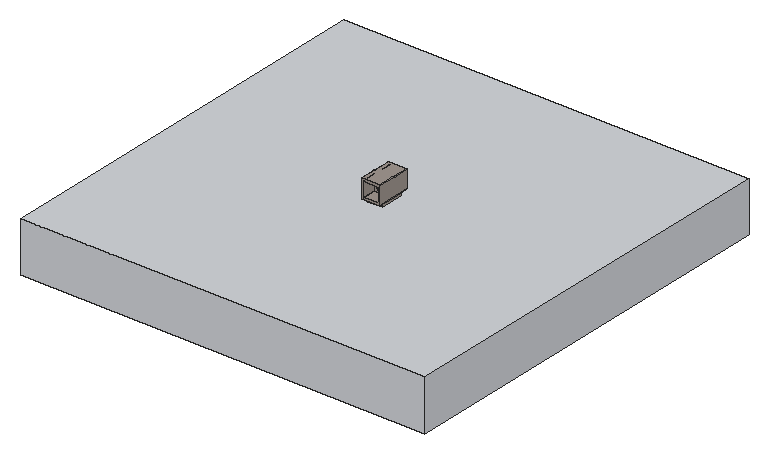
Revit family "ArandelaConcreto_ARC10W_PowerLume", category Luminárias, Revit 2022
Family settings
  Hospedeiro = Face
  Cota do conector redondo = Utilizar diâmetro
  Tipo de parte = Normal
  Número OmniClass = 23.80.70.14.11.17
  Título OmniClass = Wall or Ceiling Mounted External Lighting
  Corte com vazios quando carregada = Sim
  Fonte luminosa = Não
  Manter orientação da anotação = Não
  Compartilhado = Sim
  Ponto de cálculo do ambiente = Não
Parameters (values of type "ARC10W")
  Ângulo de abertura = "2x80°"
  Voltagem Luminária = 0 V
  Vida útil = "60000h"
  Versão = 1  # constant formula
  URL do produto = "https://www.powerlume.com.br/produtos/arandela-facho-dupla-concreto"
  URL = "https://www.powerlume.com.br/"
  Tipo de imagem = FOTO ARC10W.png
  Temperatura de cor = "3000K"  # constant formula
  Refletor = Metal - Alumínio
  Potência = "10W"  # constant formula
  Peso = "0"
  Modelo = "ARC10W"  # constant formula
  Manual de instalação = ""
  Lâmpada = "Placa LED"
  Localização = "Caxias do Sul - RS / Brasil"  # constant formula
  IfcExportAs = "IfcLightFixtureType"  # constant formula
  IRC = "90"  # constant formula
  IP = "65"  # constant formula
  Frame = Concreto, leve
  Fluxo luminoso = "725 lm"  # constant formula
  Ficha técnica = ""
  Fator de Potência Luminária = 1
  Fabricante = "Power Lume"  # constant formula
  Default Elevation = 1219.2 mm
  Profundidade = 135 mm  # constant formula
  Descrição = "Arandela de sobrepor LED facho direto e indireto em\r\nconcreto"
  Data da atualização = "27/02/2025"  # constant formula
  Assembly Code = ""
  Contato do fabricante = "(54) 3066-6488"  # constant formula
  Comentários de voltagem = "110 ou 220Vac 50/60Hz com driver incorporado"
  Catálogo de produtos = "https://www.powerlume.com.br/downloads"
  Carga Aparente Luminária = 0 VA
  Largura = 110 mm  # constant formula
  Altura = 200 mm  # constant formula
Reference planes
  plane 1 "Centro (Frente/Trás)": y = 0
  plane 2: z = 0
  plane 3 "Centro (Esquerda/Direita)": x = 0
  plane 4: y = 0
Forms (mm)
  Extrusion 1, solid
    sketch origin (0, 0, 0) x (1, 0, 0) y (0, 1, 0)
      loop
        line (-1219.2, 1219.2) -> (-1219.2, -1219.2) -> (1219.2, -1219.2) -> (1219.2, 1219.2) -> (-1219.2, 1219.2)
    from 0 to -304.8
  Sweep 2, solid, material "Concreto, leve" <- "Frame"
    path origin (0, 0, 25) x (0, -1, 0) y (0, 0, 1)
      loop
        line (100, 0) -> (0, 0) -> (-100, 0)
    profile origin (0, 50, 25) x (0, 0, -1) y (-1, 0, 0)
      loop
        line (0, 0) -> (0, 53.5)
        arc (0, 53.5) -> (-0.439, 54.561) -> (-1.5, 55) r 1.5
        line (-1.5, 55) -> (-108.5, 55)
        arc (-108.5, 55) -> (-109.561, 54.561) -> (-110, 53.5) r 1.5
        line (-110, 53.5) -> (-110, -53.5)
        arc (-110, -53.5) -> (-109.561, -54.561) -> (-108.5, -55) r 1.5
        line (-108.5, -55) -> (-1.5, -55)
        arc (-1.5, -55) -> (-0.439, -54.561) -> (0, -53.5) r 1.5
        line (0, -53.5) -> (0, 0)
      loop
        arc (-98.5, 45) -> (-99.561, 44.561) -> (-100, 43.5) r 1.5
        line (-100, 43.5) -> (-100, -43.5)
        arc (-100, -43.5) -> (-99.561, -44.561) -> (-98.5, -45) r 1.5
        line (-98.5, -45) -> (-11.5, -45)
        arc (-11.5, -45) -> (-10.439, -44.561) -> (-10, -43.5) r 1.5
        line (-10, -43.5) -> (-10, 43.5)
        arc (-10, 43.5) -> (-10.439, 44.561) -> (-11.5, 45) r 1.5
        line (-11.5, 45) -> (-98.5, 45)
  Extrusion 3, solid, material "Concreto, leve" <- "Frame"
    sketch origin (0, 0, 25) x (1, 0, 0) y (0, 0, 1)
      loop
        line (43.5, 100) -> (-43.5, 100)
        arc (-43.5, 100) -> (-44.561, 99.561) -> (-45, 98.5) r 1.5
        line (-45, 98.5) -> (-45, 11.5)
        arc (-45, 11.5) -> (-44.561, 10.439) -> (-43.5, 10) r 1.5
        line (-43.5, 10) -> (43.5, 10)
        arc (43.5, 10) -> (44.561, 10.439) -> (45, 11.5) r 1.5
        line (45, 11.5) -> (45, 98.5)
        arc (45, 98.5) -> (44.561, 99.561) -> (43.5, 100) r 1.5
    from -20 to 20
  Extrusion 4, solid, material "Concreto, leve" <- "Frame"
    sketch origin (0, 0, 25) x (0, 1, 0) y (0, 0, 1)
      loop
        line (70, 0) -> (-70, 0) -> (-70, -25) -> (70, -25) -> (70, 0)
    from -45 to 45
  SweptBlend 5, void
    path origin (0, 0, 25) x (0, 1, 0) y (0, 0, 1)
      loop
        line (20, 55) -> (5, 55)
    profile origin (0, 20, 80) x (0, 0, -1) y (1, 0, 0)
      loop
        circle (0, 0) r 35
    end profile origin (0, 5, 80) x (0, 0, -1) y (1, 0, 0)
      loop
        circle (0, 0) r 10
  SweptBlend 6, void
    path origin (0, 0, 25) x (0, -1, 0) y (0, 0, -1)
      loop
        line (20, -55) -> (5, -55)
    profile origin (0, -20, 80) x (0, 0, 1) y (1, 0, 0)
      loop
        circle (0, 0) r 35
    end profile origin (0, -5, 80) x (0, 0, 1) y (1, 0, 0)
      loop
        circle (0, 0) r 10
  Extrusion 7, solid, material "Acrílico - Transparente"
    sketch origin (0, 0, 25) x (1, 0, 0) y (0, 0, 1)
      loop
        circle (0, 55) r 35
    from 20 to 21.466
  Extrusion 8, solid, material "Acrílico - Transparente"
    sketch origin (0, 0, 25) x (1, 0, 0) y (0, 0, -1)
      loop
        circle (0, -55) r 35
    from 20 to 21.466
  Revolve 9, solid, material "Metal - Alumínio" <- "Refletor"
    sketch origin (0, 0, 0) x (0, 1, 0) y (0, 0, 1)
      loop
        line (5, 80) -> (6, 80) -> (6, 89.723) -> (20, 113.056) -> (20, 115) -> (5, 90) -> (5, 80)
      axis (5, 80) -> (20, 80)
    angle from 0 to 360
  Revolve 10, solid, material "Metal - Alumínio" <- "Refletor"
    sketch origin (0, 0, 0) x (0, -1, 0) y (0, 0, -1)
      loop
        line (5, -80) -> (5, -90) -> (20, -115) -> (20, -113.056) -> (6, -89.723) -> (6, -80) -> (5, -80)
      axis (5, -80) -> (20, -80)
    angle from 0 to 360
  Extrusion 11, solid, material "LED"
    sketch origin (0, 0, 0) x (1, 0, 0) y (0, 0, 1)
      loop
        circle (0, 80) r 2
    from 6 to 7.4
  Extrusion 12, solid, material "LED"
    sketch origin (0, 0, 0) x (1, 0, 0) y (0, 0, -1)
      loop
        circle (0, -80) r 2
    from 6 to 7.4
Cuts and joins
  SweptBlend 6 cuts Sweep 2
  SweptBlend 5, SweptBlend 6 cuts Extrusion 3
  SweptBlend 6 cuts Extrusion 4
  joined: Sweep 2, Extrusion 3, Extrusion 4
Dimensions and locks
  aligned and locked: plane 2 to Extrusion 1
  aligned and locked: level to Extrusion 1
Nested families
  nested 1: "ArandelaConcreto_ARC10W_FonteLuminosa_PowerLume" at (0.294, 0, 79.468) x (1, 0, 0) z (0, -1, 0), type "3000K"
Connectors
  electrical at (0, 0, 0), driven by "Fator de Potência Luminária", driven by "Carga Aparente Luminária", driven by "Voltagem Luminária"
    settings: index 1, voltage 0 V, apparent load 0 VA, apparent load phase1 0 VA, apparent load phase2 0 VA, apparent load phase3 0 VA, power factor 1, load classification "Outro", number of poles 1, system type 31, power factor state 1, is connector primary yes, connector utility no, sub classification motor no, connector description ""
Definition of nested family "ArandelaConcreto_ARC10W_FonteLuminosa_PowerLume"
  Parameters (values of type "3000K")
    Tilt Angle = 90.00°  # constant formula
    Wattage = 17.0789 W
    Dimming Lamp Color Temperature Shift = (empty or 0)
    built-in parameter 1150107 = 3000 (stored number, unit not read)
    built-in parameter 1150110 = 1 (stored number, unit not read)
    built-in parameter 1150109 = 1 (stored number, unit not read)
    built-in parameter 1114218 = 1 (stored number, unit not read)
    built-in parameter 1150112 = 1 (stored number, unit not read)
    built-in parameter 1150113 = 1 (stored number, unit not read)
    built-in parameter 1150132 = 2
    built-in parameter 1150137 = (empty or 0)
    built-in parameter 1150106 = 0.57694 (stored number, unit not read)
    built-in parameter 1150102 = (empty or 0)
    built-in parameter 1150105 = 57.694 (stored number, unit not read)
    Color Filter = 16777215
    built-in parameter 1114217 = 1 (stored number, unit not read)
    built-in parameter 1150139 = (empty or 0)
    Default Elevation = 1219.2 mm
    built-in parameter 1150104 = 3.9437 (stored number, unit not read)
    built-in parameter 1150115 = 1 (stored number, unit not read)
    built-in parameter 1150114 = 1 (stored number, unit not read)
    Lumens = 725 lm
    built-in parameter 1150138 = (empty or 0)
    built-in parameter 1150134 = (empty or 0)
    Photometric Web File = "ARC10W.ies"
    built-in parameter 1150133 = 10 (stored number, unit not read)
  Reference planes
    plane 1 "Centro (Frente/Trás)": y = 0
    plane 2: z = 0
    plane 3 "Centro (Esquerda/Direita)": x = 0
  Forms (mm)
    Extrusion 1, solid
      sketch origin (0, 0, 0) x (1, 0, 0) y (0, 1, 0)
        loop
          line (-1219.2, 1219.2) -> (-1219.2, -1219.2) -> (1219.2, -1219.2) -> (1219.2, 1219.2) -> (-1219.2, 1219.2)
      from 0 to -304.8
  Dimensions and locks
    aligned and locked: plane 2 to Extrusion 1
    aligned and locked: level to Extrusion 1
